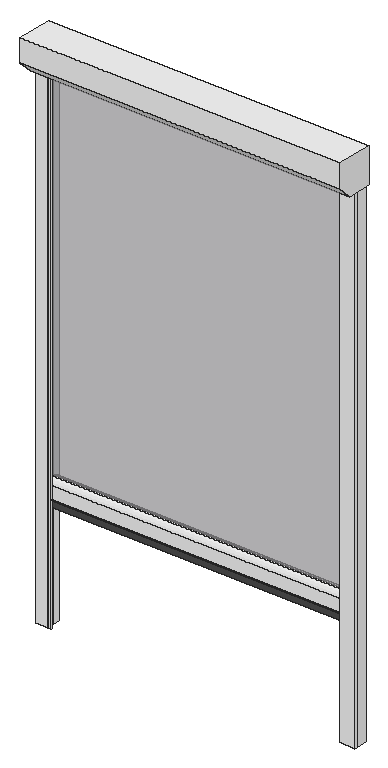
Revit family "Wall_Mount-Screen-Sliding-Phantom_Screens-Motorized_Overhead_Surface_Mounted-1", category Specialty Equipment, Revit 2026 (continued)
Definition of nested family "Nested-Detail-Phantom_Screens-Motorized-Overhead-Side_Track_Surface_Mount"
  Dimensions and locks (in)
    plane 7 "Bottom" to Masking region 2 sketch curve to Masking region 2 sketch curve to Masking region 2 sketch curve to Masking region 2 sketch curve = 0' - 0.05512" locked, 0' - 0.10112" locked, 0' - 0.04488" locked, 0' - 0.28801" locked
    plane 7 "Bottom" to Masking region 2 sketch curve to Masking region 2 sketch curve to Masking region 2 sketch curve to Masking region 2 sketch curve to Masking region 2 sketch curve = 0' - 0" locked, 0' - 0.05512" locked, 0' - 0.10112" locked, 0' - 0.04473" locked, 0' - 0.28801" locked
    locked: Masking region 1 sketch curve to Masking region 1 sketch curve at 0.0727
    plane 5 "Left" to Masking region 4 sketch curve to Masking region 4 sketch curve to Masking region 4 sketch curve = 0' - 0.36218" locked, 0' - 1.89986" locked, 0' - 0.06129" locked
    Masking region 4 sketch curve to plane 6 "Top" to Masking region 4 sketch curve to Masking region 4 sketch curve = 0' - 0.06129" locked, 0' - 0" locked, 0' - 0.91929" locked
    "Width": plane 5 "Left" to plane 8 "Right"
    "Height": plane 9 to plane 7 "Bottom"
    "Int Diameter": radius of Masking region 1 sketch curve
    "Ext Diameter": radius of Masking region 1 sketch curve
    aligned and locked: Masking region 3 sketch curve to plane 5 "Left"
    aligned and locked: Masking region 3 sketch curve to Masking region 2
    aligned and locked: Masking region 3 sketch curve to plane 9
    aligned and locked: Masking region 3 sketch curve to plane 8 "Right"
  Automatic sketch dimensions
    Masking region 1 sketch curve to Masking region 1 sketch curve = 0' - 0"  (x2)
    Masking region 1 sketch curve to Masking region 1 sketch curve = 0' - 0.03634"
    Masking region 1 sketch curve to plane 1 "Center (Front/Back)" = 0' - 0.00036"
    Masking region 1 sketch curve to Masking region 1 sketch curve = 0' - 0.03858"
    Masking region 1 sketch curve to plane 7 "Bottom" = 0' - 0 13/64"  (x2)
Types (3): name | Type Comments | Track Height | Thickness | Surface Mounted | Slide Bar Height | Roller Radius | Inside Jamb | Min Width | Max Width | Max Height | Housing Height | Height Opening | Brush Pile | 5 1/2 in Housing | 7 1/8 in Housing | 4 in Housing | 3/4 in Brush Pile | 3 in Bottom Seal
  7 1/8 in Housing Surface Mount | "7 1/8 in Housing Surface Mount" | 0' - 1 29/32" | 0' - 7 1/8" | no | 0' - 3 15/64" | 0' - 2 1/2" | yes | 2' - 9" | 25' - 0" | 16' - 0" | 0' - 7 1/8" | 4' - 4 7/8" | no | no | yes | no | no | yes
  5 1/2 in Housing Surface Mount | "5 1/2 in Housing Surface Mount" | 0' - 1 29/32" | 0' - 5 1/2" | no | 0' - 3 1/16" | 0' - 2" | yes | 2' - 9" | 20' - 0" | 11' - 0" | 0' - 5 1/2" | 4' - 6 1/2" | yes | yes | no | no | yes | no
  4 in Housing Surface Mount | "4 in Housing Surface Mount" | 0' - 1 85/256" | 0' - 4" | yes | 0' - 3 1/16" | 0' - 1 1/4" | no | 2' - 2" | 10' - 0" | 8' - 0" | 0' - 4" | 4' - 8" | yes | no | no | yes | yes | no
